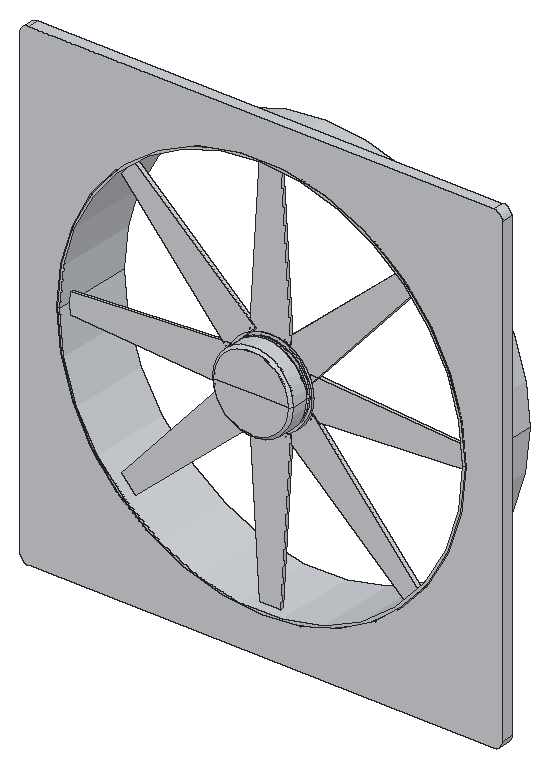
Revit family "CADS_Vent-Axia_MechEquip_Fan_ESP_1Ph6P - SUPPLY", category Mechanical Equipment, Revit 2020
Family settings
  Round Connector Dimension = Use Diameter
  Part Type = Normal
  OmniClass Number = 23.75.00.00
  OmniClass Title = Climate Control (HVAC)
  Work Plane-Based = No
  Always vertical = Yes
  Cut with Voids When Loaded = No
  Shared = No
  Room Calculation Point = No
Parameters (values of type "T100_ESP71016")
  nd = NominalDiameter  # 710 mm
  WorkingPressure = 0.0 Pa
  WarrantyStartDate [instance] = "1900-12-31T23:59:59"
  WarrantyPeriod = ""
  WarrantyIdentifier = "N/A"
  WarrantyGuarantorParts = "tech@vent-axia.com"
  WarrantyGuarantorLabor = "tech@vent-axia.com"
  WarrantyGuarantor = "Vent-Axia Limited"
  WarrantyEndDate [instance] = "1900-12-31T23:59:59"
  WarrantyContent = ""
  TemperatureRange = ""
  TagNumber [instance] = "N/A"
  SustainabilityPerformance = ""
  Status = "New"
  Size = ""
  Shape = ""
  ServiceLifeType = ""
  ServiceLifeDuration = ""
  SerialNumber [instance] = "N/A"
  ReplacementCost = ""
  RatedVoltage = 0 V
  RatedCurrent = 0 A
  Quantity = 1
  ProductionYear = ""
  PressureCurve = ""
  PowerFactor = ""
  PointOfContact = ""
  NumberOfPoles = 0
  NominalWidth = 850 mm
  NominalLength = 141 mm
  NominalHeight = 850 mm
  NominalFrequencyRange = ""
  NominalDiameter = 710 mm
  ModelReference = "AXIAL PLATE FAN 710DIA 1PH 6 POLE"
  ModelNumber = "T100_ESP71016"
  Material = ""
  ManufacturerE-Mail = "tech@vent-axia.com"
  ManufacturerAddress = "Fleming Way\nCrawley \nRH10 9YX"
  IsExtendedWarranty = no
  InsulationStandardClass = ""
  InstallationDate [instance] = "1900-12-31T23:59:59"
  IfcExportType [instance] = ""
  IfcExportAs = "IfcFanType"
  IP_Code = ""
  HasProtectiveEarth = no
  GrossWeight = 0.00 kg
  Grade = ""
  GlobalTradeItemNumber [instance] = "N/A"
  G = 20 mm
  Fitting Type = "Ignore"
  Finish = ""
  Features = ""
  ExteriorInsulation = no
  ExpectedServiceLife = 0
  Exclusions = ""
  E = 37 mm
  DurationUnit = "Year"
  Default Elevation = 0 mm
  Constituents = ""
  ConductorFunction = ""
  Color = ""
  CodePerformance = ""
  Category = ""
  CADS_Usage = 0
  CADS_Index = 0
  AssetType = "FIXED"
  AssetIdentifier [instance] = "N/A"
  AssemblyPlace = "UNKNOWN"
  ArticleNumber [instance] = "N/A"
  AirflowRateRange = 0.0 L/s
  Air Flow [instance] = 0.0 L/s
  AccessibilityPerformance = ""
  A = 850 mm
Types (5, lengths in mm): name | nd | NominalWidth | NominalLength | NominalHeight | NominalDiameter | ModelReference | ModelNumber | G | E | A
  T100_ESP35516 | 355 | 485 | 97 | 485 | 355 | "AXIAL PLATE FAN 355DIA 1PH 6 POLE" | "T100_ESP35516" | 21 | 86 | 485
  T100_ESP40016 | 400 | 540 | 100 | 540 | 400 | "AXIAL PLATE FAN 400DIA 1PH 6 POLE" | "T100_ESP40016" | 12 | 93 | 540
  T100_ESP40016B | 400 | 540 | 100 | 540 | 400 | "400MM 1PH 6P PLATE FAN FC040-6EQ.2F.A7 163383" | "T100_ESP40016B" | 12 | 93 | 540
  T100_ESP63016B | 630 | 805 | 139 | 805 | 630 | "630MM 1PH 6P PLATE FAN FC063-6EQ.4I.A7 169502" | "T100_ESP63016B" | 20 | 82 | 805
  T100_ESP71016 | 710 | 850 | 141 | 850 | 710 | "AXIAL PLATE FAN 710DIA 1PH 6 POLE" | "T100_ESP71016" | 20 | 37 | 850
Reference planes
  plane 1 "Center (Front/Back)": y = 0
  plane 2: z = 0
  plane 3 "Center (Left/Right)": x = 0
  plane 4: x = -355
  plane 5: x = 355
  plane 6 "F": y = -20
  plane 7 "B": y = 121
  plane 8: x = -425
  plane 9: x = -360
  plane 10 "top": z = 355
  plane 11: z = -355
  plane 12: x = 425
  plane 13: z = 425
  plane 14: z = -425
Forms (mm)
  Revolve 1, solid
    sketch origin (0, 0, 0) x (1, 0, 0) y (0, 1, 0)
      loop
        line (-360, -20) -> (-355, -20) -> (-355, 121) -> (-360, 121) -> (-360, -20)
      axis (0, 121) -> (0, -20)
    angle from 0 to 360
  Extrusion 2, solid
    sketch origin (0, 0, 0) x (1, 0, 0) y (0, 0, 1)
      loop
        arc (-410, 425) -> (-420.607, 420.607) -> (-425, 410) r 15
        line (-425, 410) -> (-425, -410)
        arc (-425, -410) -> (-420.607, -420.607) -> (-410, -425) r 15
        line (-410, -425) -> (410, -425)
        arc (410, -425) -> (420.607, -420.607) -> (425, -410) r 15
        line (425, -410) -> (425, 410)
        arc (425, 410) -> (420.607, 420.607) -> (410, 425) r 15
        line (410, 425) -> (-410, 425)
      loop
        circle (0, 0) r 360
    from 0 to 20 <- "G"
Dimensions and locks
  equal spacing: plane 4, plane 3 "Center (Left/Right)", plane 5
  "NominalLength": plane 7 "B" to plane 6 "F"
  "NominalDiameter": plane 4 to plane 5
  locked: plane 9 to plane 4 at 5
  equal spacing: plane 10 "top", level, plane 11
  "NominalDiameter": plane 10 "top" to plane 11
  equal spacing: plane 12, plane 3 "Center (Left/Right)", plane 8
  "A": plane 12 to plane 8
  equal spacing: plane 13, level, plane 14
  "A": plane 13 to plane 14
  "G": plane 6 "F" to plane 1 "Center (Front/Back)"
  aligned and locked: level to plane 2
  aligned and locked: Extrusion 2 sketch curve to Revolve 1  (x2)
Automatic sketch dimensions
  plane 6 "F" to Revolve 1 sketch curve = 0 mm
  Revolve 1 sketch curve to plane 4 = 0 mm
  Revolve 1 sketch curve to plane 3 "Center (Left/Right)" = 0 mm
  plane 1 "Center (Front/Back)" to Revolve 1 sketch curve = 0 mm
  Revolve 1 sketch curve to plane 7 "B" = 0 mm
  plane 6 "F" to Revolve 1 sketch curve = 115 mm
  Revolve 1 sketch curve to plane 9 = 0 mm
  Extrusion 2 sketch curve to plane 8 = 0 mm
  Extrusion 2 sketch curve to plane 13 = 0 mm
  Extrusion 2 sketch curve to plane 14 = 0 mm
  plane 12 to Extrusion 2 sketch curve = 0 mm
  plane 8 to Extrusion 2 sketch curve = 15 mm  (x2)
  plane 12 to Extrusion 2 sketch curve = 15 mm  (x2)
Nested families
  nested 1: "Fan for ESP" at (0, 0, 0), ND <- "NominalDiameter", BE <- "E", type "Fan for ESP"
    with hub 71 mm, ND 710 mm, BoltPCD 56.8 mm, Bolt Count 8, B_Diam 10 mm, BE 37 mm
  nested 2: "ESC Blade" at (0, 0, 0), type "ESC Blade"
    with a 20.00°, HR 71 mm, HD 142 mm, BT 35.5 mm, BR 284 mm, BH 40 mm, BD 710 mm, BB 71 mm
  nested 3: "ESC Blade" at (0, 0, 0) x (0.7071, 0, -0.7071) z (0.7071, 0, 0.7071), type "ESC Blade"
    with a 20.00°, HR 71 mm, HD 142 mm, BT 35.5 mm, BR 284 mm, BH 40 mm, BD 710 mm, BB 71 mm
  nested 4: "ESC Blade" at (0, 0, 0) x (0, 0, -1) z (1, 0, 0), type "ESC Blade"
    with a 20.00°, HR 71 mm, HD 142 mm, BT 35.5 mm, BR 284 mm, BH 40 mm, BD 710 mm, BB 71 mm
  nested 5: "ESC Blade" at (0, 0, 0) x (-0.7071, 0, -0.7071) z (0.7071, 0, -0.7071), type "ESC Blade"
    with a 20.00°, HR 71 mm, HD 142 mm, BT 35.5 mm, BR 284 mm, BH 40 mm, BD 710 mm, BB 71 mm
  nested 6: "ESC Blade" at (0, 0, 0) x (-1, 0, 0) z (0, 0, -1), type "ESC Blade"
    with a 20.00°, HR 71 mm, HD 142 mm, BT 35.5 mm, BR 284 mm, BH 40 mm, BD 710 mm, BB 71 mm
  nested 7: "ESC Blade" at (0, 0, 0) x (-0.7071, 0, -0.7071) z (-0.7071, 0, 0.7071), type "ESC Blade"
    with a 20.00°, HR 71 mm, HD 142 mm, BT 35.5 mm, BR 284 mm, BH 40 mm, BD 710 mm, BB 71 mm
  nested 8: "ESC Blade" at (0, 0, 0) x (0, 0, -1) z (-1, 0, 0), type "ESC Blade"
    with a 20.00°, HR 71 mm, HD 142 mm, BT 35.5 mm, BR 284 mm, BH 40 mm, BD 710 mm, BB 71 mm
  nested 9: "ESC Blade" at (0, 0, 0) x (0.7071, 0, -0.7071) z (-0.7071, 0, -0.7071), type "ESC Blade"
    with a 20.00°, HR 71 mm, HD 142 mm, BT 35.5 mm, BR 284 mm, BH 40 mm, BD 710 mm, BB 71 mm
Connectors
  hvac at (0, -20, 0), driven by "NominalDiameter", driven by "Air Flow"
    settings: on Revolve 1, index 1, duct flow 0.0 L/s, flow factor 0, pres drop 0.0 Pa, loss coef 0, conn angle 0.00°, conn width 304.8 mm, conn height 304.8 mm, conn diameter 710 mm, duct sys type 1, conn prof type 0, flow config 1, flow direction 1, loss method 0, conn ref index -1, conn util no, is conn primary yes, conn desc ""
  hvac at (0, 121, 0), driven by "NominalDiameter", driven by "Air Flow"
    settings: on Revolve 1, index 2, duct flow 0.0 L/s, flow factor 0, pres drop 0.0 Pa, loss coef 0, conn angle 0.00°, conn width 304.8 mm, conn height 304.8 mm, conn diameter 710 mm, duct sys type 1, conn prof type 0, flow config 0, flow direction 2, loss method 0, conn ref index -1, conn util no, is conn primary no, conn desc ""
Definition of nested family "Fan for ESP"
  Parameters (values of type "Fan for ESP")
    hub [instance] = ND / 10  # 25.1 mm
    ND [instance] = 251 mm
    Model = "."
    Default Elevation = 0 mm
    BoltPCD [instance] = hub - (hub * 0.2)  # 20.08 mm
    Bolt Count [instance] = if(hub < 50 mm, 6, 8)  # 6
    B_Diam [instance] = if(hub < 50 mm, 5 mm, 10 mm)  # 5 mm
    BE [instance] = 84 mm
  Reference planes
    plane 1 "Center (Front/Back)": y = 0
    plane 2: z = 0
    plane 3 "Center (Left/Right)": x = 0
    plane 4 "back": y = 20
    plane 5 "boss": y = -89
    plane 6 "B": z = 25.1
    plane 7: x = -30.1
    plane 8: x = -25.1
    plane 9 "hubface": y = -5
    plane 10: x = -20.1
    plane 11: y = -84
  Forms (mm)
    Revolve 1, solid
      sketch origin (0, 0, 0) x (1, 0, 0) y (0, 1, 0)
        loop
          line (0, -5) -> (0, 10.504) -> (-30.1, 10.504) -> (-30.1, -2.597) -> (-25.1, -2.597) -> (-25.1, -5) -> (0, -5)
        axis (0, 10.504) -> (0, -5)
      angle from 0 to 360
    Extrusion 2, solid, not visible
      sketch origin (0, -6.347, -4) x (-1, 0, 0) y (0, 0, 1)
        loop
          circle (0, 84) r 5
      from 0 to 3
    Revolve 3, solid
      sketch origin (0, 0, 0) x (1, 0, 0) y (0, 1, 0)
        loop
          line (-20.1, -5) -> (-25.1, -10) -> (-25.1, -84) -> (-20.1, -89) -> (0, -89) -> (0, -5) -> (-20.1, -5)
        axis (0, -5) -> (0, -89)
      angle from 0 to 360
  Lines and regions (mm)
    symbolic lines
      curve 1: circle (0, -89, 0) r 20.08 normal (0, 1, 0)
    model lines, not visible
      curve 2: line (0, -6.347, 85) -> (0, -6.347, 75)
  Dimensions and locks
    "hub": plane 6 "B" to plane 2
    "hub": nested 3 to plane 3 "Center (Left/Right)"
    "hub": nested 4 to plane 3 "Center (Left/Right)"
    "hub": nested 5 to plane 3 "Center (Left/Right)"
    "hub": plane 3 "Center (Left/Right)" to nested 6
    "hub": plane 3 "Center (Left/Right)" to nested 7
    "hub": plane 3 "Center (Left/Right)" to nested 8
    "hub": plane 3 "Center (Left/Right)" to nested 9
    "hub": plane 8 to plane 3 "Center (Left/Right)"
    plane 7 to plane 8 = 5 mm
    "BE": plane 5 "boss" to plane 9 "hubface"
    locked: plane 11 to plane 5 "boss" at 5
    plane 8 to plane 10 = 5 mm
    locked: plane 9 "hubface" to plane 1 "Center (Front/Back)" at 5
    diameter of Extrusion 2 sketch curve = 10 mm
    "BoltPCD": radius of curve 1
    aligned and locked: level to plane 2
    aligned and locked: plane 6 "B" to nested 1
  Automatic sketch dimensions
    Revolve 1 sketch curve to plane 7 = 0 mm
    Revolve 1 sketch curve to plane 8 = 0 mm
    Revolve 1 sketch curve to plane 3 "Center (Left/Right)" = 0 mm  (x2)
    Revolve 1 sketch curve to plane 9 "hubface" = 0 mm
    plane 1 "Center (Front/Back)" to Revolve 1 sketch curve = 2.597 mm
    plane 4 "back" to Revolve 1 sketch curve = 5 mm
    plane 4 "back" to Revolve 1 sketch curve = 9.496 mm
    Revolve 1 sketch curve to Revolve 1 sketch curve = 54.496 mm
    Revolve 3 sketch curve to plane 8 = 0 mm
    Revolve 3 sketch curve to plane 5 "boss" = 0 mm
    Revolve 3 sketch curve to plane 10 = 0 mm  (x2)
    Revolve 3 sketch curve to plane 9 "hubface" = 0 mm
    Revolve 3 sketch curve to plane 3 "Center (Left/Right)" = 0 mm  (x2)
    Revolve 3 sketch curve to plane 11 = 0 mm
    Revolve 3 sketch curve to plane 9 "hubface" = 5 mm
    plane 4 "back" to Revolve 3 sketch curve = 4.08 mm
    Revolve 3 sketch curve to plane 4 "back" = 3.828 mm
    curve 1 to level = 0 mm
    curve 1 to plane 3 "Center (Left/Right)" = 0 mm
  Nested families
    nested 1: "ESC Blade" at (0, 0, 0), BD <- "ND", HD <- "hub", type "ESC Blade"
      with a 20.00°, HR 25.1 mm, HD 50.2 mm, BT 12.55 mm, BR 100.4 mm, BH 40 mm, BD 251 mm, BB 25.1 mm
    nested 2: "ESC Blade" at (0, 0, 755), BD <- "ND", HD <- "hub", type "ESC Blade", not visible
      with a 20.00°, HR 25.1 mm, HD 50.2 mm, BT 12.55 mm, BR 100.4 mm, BH 40 mm, BD 251 mm, BB 25.1 mm
    nested 3: "ESC Blade" at (0, 0, 0) x (0.7071, 0, -0.7071) z (0.7071, 0, 0.7071), BD <- "ND", HD <- "hub", type "ESC Blade"
      with a 20.00°, HR 25.1 mm, HD 50.2 mm, BT 12.55 mm, BR 100.4 mm, BH 40 mm, BD 251 mm, BB 25.1 mm
    nested 4: "ESC Blade" at (0, 0, 0) x (0, 0, -1) z (1, 0, 0), BD <- "ND", HD <- "hub", type "ESC Blade"
      with a 20.00°, HR 25.1 mm, HD 50.2 mm, BT 12.55 mm, BR 100.4 mm, BH 40 mm, BD 251 mm, BB 25.1 mm
    nested 5: "ESC Blade" at (0, 0, 0) x (-0.7071, 0, -0.7071) z (0.7071, 0, -0.7071), BD <- "ND", HD <- "hub", type "ESC Blade"
      with a 20.00°, HR 25.1 mm, HD 50.2 mm, BT 12.55 mm, BR 100.4 mm, BH 40 mm, BD 251 mm, BB 25.1 mm
    nested 6: "ESC Blade" at (0, 0, 0) x (-1, 0, 0) z (0, 0, -1), BD <- "ND", HD <- "hub", type "ESC Blade"
      with a 20.00°, HR 25.1 mm, HD 50.2 mm, BT 12.55 mm, BR 100.4 mm, BH 40 mm, BD 251 mm, BB 25.1 mm
    nested 7: "ESC Blade" at (0, 0, 0) x (-0.7071, 0, -0.7071) z (-0.7071, 0, 0.7071), BD <- "ND", HD <- "hub", type "ESC Blade"
      with a 20.00°, HR 25.1 mm, HD 50.2 mm, BT 12.55 mm, BR 100.4 mm, BH 40 mm, BD 251 mm, BB 25.1 mm
    nested 8: "ESC Blade" at (0, 0, 0) x (0, 0, -1) z (-1, 0, 0), BD <- "ND", HD <- "hub", type "ESC Blade"
      with a 20.00°, HR 25.1 mm, HD 50.2 mm, BT 12.55 mm, BR 100.4 mm, BH 40 mm, BD 251 mm, BB 25.1 mm
    nested 9: "ESC Blade" at (0, 0, 0) x (0.7071, 0, -0.7071) z (-0.7071, 0, -0.7071), BD <- "ND", HD <- "hub", type "ESC Blade"
      with a 20.00°, HR 25.1 mm, HD 50.2 mm, BT 12.55 mm, BR 100.4 mm, BH 40 mm, BD 251 mm, BB 25.1 mm
  Definition of nested family "ESC Blade"
    Parameters (values of type "ESC Blade")
      a [instance] = 20.00°
      HR [instance] = HD / 2  # 30 mm
      HD [instance] = BD / 5  # 60 mm
      Default Elevation = 1219.2 mm
      BT [instance] = BD / 20  # 15 mm
      BR [instance] = (BD / 2) - HR  # 120 mm
      BH [instance] = 40 mm
      BD [instance] = 300 mm
      BB [instance] = BD / 10  # 30 mm
    Reference planes
      plane 1 "Center (Front/Back)": y = 0
      plane 2: z = 0
      plane 3 "Center (Left/Right)": x = 0
      plane 4 "Blade Bot": z = 30
      plane 5: x = -15
      plane 6: x = 15
      plane 7: x = -7.5
      plane 8: x = 7.5
    Forms (mm)
      Blend 1, solid
        base sketch origin (0, 0, 30) x (-1, 0, 0) y (0, -1, 0)
          loop
            line (15, 0) -> (-15, 0) -> (-15, -6) -> (15, -6) -> (15, 0)
        top sketch origin (0, 0, 30) x (-1, 0, 0) y (0, -1, 0)
          loop
            line (7.5, -6) -> (7.5, 0) -> (-7.5, 0) -> (-7.5, -6) -> (7.5, -6)
        from 0 to 120 <- "BR"
    Dimensions and locks
      "HR": plane 4 "Blade Bot" to level
      equal spacing: plane 8, plane 3 "Center (Left/Right)", plane 7
      "BT": plane 8 to plane 7
      equal spacing: plane 6, plane 3 "Center (Left/Right)", plane 5
      "BB": plane 6 to plane 5
      aligned and locked: level to plane 2
    Automatic sketch dimensions
      plane 1 "Center (Front/Back)" to Blend 1 sketch curve = 0 mm  (x2)
      Blend 1 sketch curve to plane 6 = 0 mm
      Blend 1 sketch curve to plane 5 = 0 mm
      Blend 1 sketch curve to plane 1 "Center (Front/Back)" = 6 mm  (x2)
      Blend 1 sketch curve to plane 8 = 0 mm
      Blend 1 sketch curve to plane 7 = 0 mm
Definition of nested family "ESC Blade"
  Parameters (values of type "ESC Blade")
    a [instance] = 20.00°
    HR [instance] = HD / 2  # 30 mm
    HD [instance] = BD / 5  # 60 mm
    Default Elevation = 1219.2 mm
    BT [instance] = BD / 20  # 15 mm
    BR [instance] = (BD / 2) - HR  # 120 mm
    BH [instance] = 40 mm
    BD [instance] = 300 mm
    BB [instance] = BD / 10  # 30 mm
  Reference planes
    plane 1 "Center (Front/Back)": y = 0
    plane 2: z = 0
    plane 3 "Center (Left/Right)": x = 0
    plane 4 "Blade Bot": z = 30
    plane 5: x = -15
    plane 6: x = 15
    plane 7: x = -7.5
    plane 8: x = 7.5
  Forms (mm)
    Blend 1, solid
      base sketch origin (0, 0, 30) x (-1, 0, 0) y (0, -1, 0)
        loop
          line (15, 0) -> (-15, 0) -> (-15, -6) -> (15, -6) -> (15, 0)
      top sketch origin (0, 0, 30) x (-1, 0, 0) y (0, -1, 0)
        loop
          line (7.5, -6) -> (7.5, 0) -> (-7.5, 0) -> (-7.5, -6) -> (7.5, -6)
      from 0 to 120 <- "BR"
  Dimensions and locks
    "HR": plane 4 "Blade Bot" to level
    equal spacing: plane 8, plane 3 "Center (Left/Right)", plane 7
    "BT": plane 8 to plane 7
    equal spacing: plane 6, plane 3 "Center (Left/Right)", plane 5
    "BB": plane 6 to plane 5
    aligned and locked: level to plane 2
  Automatic sketch dimensions
    plane 1 "Center (Front/Back)" to Blend 1 sketch curve = 0 mm  (x2)
    Blend 1 sketch curve to plane 6 = 0 mm
    Blend 1 sketch curve to plane 5 = 0 mm
    Blend 1 sketch curve to plane 1 "Center (Front/Back)" = 6 mm  (x2)
    Blend 1 sketch curve to plane 8 = 0 mm
    Blend 1 sketch curve to plane 7 = 0 mm
